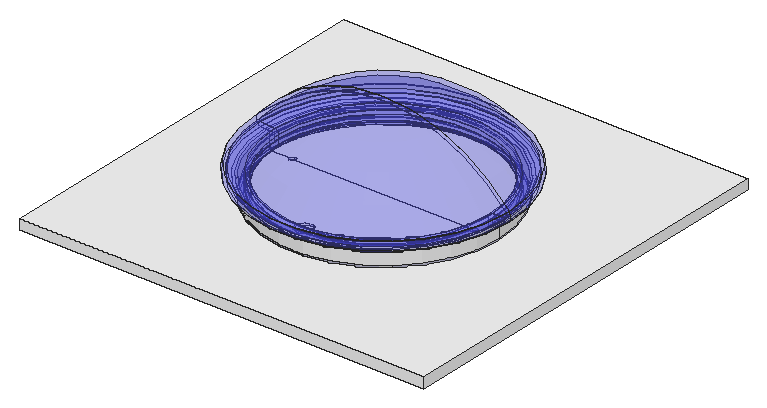
Revit family "BE_12136P_de_DE", category Leuchten, Revit 2020
Family settings
  Basisbauteil = Fläche
  Bemaßung runder Anschluss = Durchmesser verwenden
  Teiletyp = Normal
  Beim Laden mit Abzugskörper schneiden = Ja
  Lichtquelle = Ja
  Gemeinsam genutzt = Nein
  Raumberechnungspunkt = Ja
Parameters (values of type "BEGA_12136P_K3")
  built-in parameter 1150104 = 11.557 (stored number, unit not read)
  Wattage = 8.4 W
  Default Elevation = 0 mm
  built-in parameter 1150113 = 1 (stored number, unit not read)
  built-in parameter 1114218 = 1 (stored number, unit not read)
  Umgebungstemperatur = "25 °C"
  URL = "https://www.bega.com/de/produkt/12136P"
  Typenkommentare = "© 2022 BEGA. Wir behalten uns das Recht vor, technische Änderungen ohne vorherige Ankündigung vorzunehmen."  # constant formula
  built-in parameter 1150134 = (empty or 0)
  built-in parameter 1150109 = 1 (stored number, unit not read)
  Strom = ""
  built-in parameter 1150110 = 1 (stored number, unit not read)
  Spannung = 230 V
  Sonderanfertigung = no
  Seriennummer [instance] = "Hier können Sie die eindeutige Seriennummer für das Facility Management eintragen."
  Schutzklasse = "I"
  Schutzart = "IP 20"
  Scheinlast = 0 VA
  Produktdatenblatt = "http://www.bega.de/download/Xrfa/db/12136P.db.de.pdf"
  Oberflächentemperatur = ""
  Neigungswinkel = 0.00°
  Model = "12136PK2"
  Material_17 = BEGA_Reflektor
  Material_15 = BEGA_Leuchtmedium_matt
  Material_14 = BEGA_Kunststoff_opal
  Material_11 = BEGA_Glas_opal
  Material_09 = BEGA_Glas_klar
  Material_06 = BEGA_Oberfläche_Edelstahl_gebürstet
  Material_03 = BEGA_Oberfläche_Weiss_matt
  Material_02 = BEGA_Oberfläche_Silber_matt
  Material_01 [instance] = BEGA_Oberfläche_Grafit_matt
  M_W = no
  M_G = no
  M_A = no
  Logo = 0
  built-in parameter 1114217 = 1 (stored number, unit not read)
  built-in parameter 1150139 = (empty or 0)
  built-in parameter 1150105 = 289.83 (stored number, unit not read)
  built-in parameter 1150114 = 1 (stored number, unit not read)
  Lumens = 1044.96 lm
  built-in parameter 1150115 = 1 (stored number, unit not read)
  Leuchtenlichtstrom = "764 lm"
  Leuchtenanzahl = ""
  Lebensdauerkriterien = "L70B50 @ 25 °C = 206000 h"
  Lastklassifizierung = Beleuchtung
  built-in parameter 1150112 = 1 (stored number, unit not read)
  Lampenlichtstrom = "1045 lm"
  Lamp = "LED 8.4 W"
  LED_Modulbezeichnung = "LED-0508/927"
  Hersteller = "BEGA"  # constant formula
  Halbstreuwinkel = ""
  Gewicht = ""
  Gebrauchslageneinschränkung [instance] = ""
  Frequenz = "50 Hz"
  Farbwiedergabeindex = "CRI > 90"
  Farbtemperaturverschiebung bei Dämpfen der Lampe = <Keine Auswahl>
  Farbtemperatur = "2700 K"
  Color Filter = 16777215
  built-in parameter 1150133 = 10 (stored number, unit not read)
  Energieeffizienzklasse = "LED A++ - A"
  built-in parameter 1150137 = (empty or 0)
  built-in parameter 1150132 = (empty or 0)
  ENEC = ""
  Dimmbar [instance] = ""
  Photometric Web File = "BE_12136PK2.IES"
  CE_Konformität = "ja"
  Bestellnummer = "12136PK2"
  Beschreibung_Sonderanfertigung = "Hier können Sie Informationen zur Sonderanfertigung eintragen."
  Beschreibung = "Decken- und Wandleuchte"
  built-in parameter 1150106 = 2.8983 (stored number, unit not read)
  Befestigungsbohrung = "Ø 5,5 mm"
  Befestigungsabstand = "180 mm"
  Ballwurfsicher = ""
  BEGA_Intern_aus = yes
  BEGA_Intern_an = yes
  BEGA_Intern_Konstruktion = yes
  BEGA_Intern = yes
  BEGA_IES = yes
  BEGA_Dummy = no
  Anschlussleitung = ""
  Anschlussleistung [instance] = "11.5 W"
  Anschlusskasten = ""
  built-in parameter 1150107 = 2700 (stored number, unit not read)
  built-in parameter 1150102 = (empty or 0)
  built-in parameter 1150138 = (empty or 0)
  Aktualisierung = "2020-07-27T04:00:12"
  Abstand_zur_angestrahlten_Fläche [instance] = ""
  AC/DC = "AC"
Types (2, lengths in mm): name | built-in parameter 1150104 | built-in parameter 1150134 | Model | built-in parameter 1150105 | Lumens | Leuchtenlichtstrom | Lampenlichtstrom | LED_Modulbezeichnung | Farbtemperatur | Photometric Web File | Bestellnummer | built-in parameter 1150106 | built-in parameter 1150107
  BEGA_12136P_K3 | 11.669 (stored number, unit not read) | (empty or 0) | "12136PK3" | 292.56 (stored number, unit not read) | 1055.04 lm | "771 lm" | "2365 lm" | "LED-0508/930" | "3000 K" | "BE_12136PK3.IES" | "12136PK3" | 2.9256 (stored number, unit not read) | 3000 (stored number, unit not read)
  BEGA_12136P_K27 | 12.115 (stored number, unit not read) | 12 | "12136PK27" | 303.69 (stored number, unit not read) | 1095.36 lm | "745 lm" | "1165 lm" | "LED-0508/927" | "2700 K" | "BE_12136PK27.IES" | "12136PK27" | 3.0369 (stored number, unit not read) | 4000 (stored number, unit not read)
Reference planes
  plane 1 "Mitte (Vorne/Hinten)": y = 0
  plane 2: z = 0
  plane 3 "Mitte (Links/Rechts)": x = 0
  plane 4 "Links": x = -126
  plane 5 "Rechts": x = 126
  plane 6 "Unten": y = -126
  plane 7 "Oben": y = 126
  plane 8 "Vorne": z = 90.4
  plane 9 "Hinten": z = 0
Forms (mm)
  Extrusion 1, solid, material "BEGA_Platte_Weiss"
    sketch origin (0, -1119.2, 0) x (1, 0, 0) y (0, 1, 0)
      loop
        line (-200, 1319.2) -> (-200, 919.2) -> (200, 919.2) -> (200, 1319.2) -> (-200, 1319.2)
    from 0 to -10
  Extrusion 2, solid, material "BEGA_Dummy_matt", visible <- "BEGA_Dummy"
    sketch origin (77.149, -76.023, 0) x (1, 0, 0) y (0, 1, 0)
      loop
        circle (-77.149, 76.023) r 126
    from 0 to 90.4
Dimensions and locks
  plane 1 "Mitte (Vorne/Hinten)" to Extrusion 1 = 200 mm
  aligned and locked: plane 2 to Extrusion 1
  aligned and locked: level to Extrusion 1
Nested families
  nested 1: "BE_12136P" at (0, 0, 0) x (0, -1, 0) z (0, 0, 1), type "BE_12136P"
Connectors
  electrical at (0, 0, 0), driven by "Lastklassifizierung", driven by "Spannung", driven by "Scheinlast"
    settings: index 1, voltage 230 V, apparent load 0 VA, apparent load phase1 0 VA, apparent load phase2 0 VA, apparent load phase3 0 VA, power factor 1, load classification "Beleuchtung", number of poles 1, system type 31, power factor state 1, is connector primary yes, connector utility no, sub classification motor no, connector description ""
Definition of nested family "BE_12136P"
  Parameters (values of type "BE_12136P")
    Default Elevation = 1 mm
    URL = "http://www.bega.de/de/produkt"
    Type Comments = "© 2015 BEGA. Wir behalten uns das Recht vor, technische Änderungen ohne vorherige Ankündigung vorzunehmen. "  # constant formula
    Type Image = (empty or 0)
    Neigungswinkel_um_Z2 = 0.00°
    Neigungswinkel_um_Z1 = 0.00°
    Neigungswinkel_um_Y2 = 0.00°
    Neigungswinkel_um_Y1 = 0.00°
    Neigungswinkel_um_X2 = 0.00°
    Neigungswinkel_um_X1 = 0.00°
    Material_17 = none
    Material_15 = none
    Material_14 = none
    Material_11 = none
    Material_09 = none
    Material_06 = none
    Material_05 = none
    Material_03 = none
    Material_02 = none
    Material_01 = none
    M_W = yes
    M_G = yes
    M_A = yes
    Länge_Platte = 400 mm  # constant formula
    Höhe_Platte = -10 mm  # constant formula
    Manufacturer = "BEGA"  # constant formula
    Drehwinkel_um_Z2 = 0.00°
    Drehwinkel_um_Z1 = 0.00°
    Breite_Platte = 400 mm  # constant formula
  Reference planes
    plane 1 "Mitte (Oben/Unten)": y = 0
    plane 2: z = 0
    plane 3 "Mitte (Links/Rechts)": x = 0
    plane 4: y = 126
    plane 5: z = 90.4
    plane 6: y = -126
    plane 7: x = -126
    plane 8: x = 126
  Forms (mm)
    Extrusion 1, solid, detail levels medium
      sketch origin (0, 0, 0) x (1, 0, 0) y (0, 1, 0)
        loop
          line (-200, 200) -> (-200, -200) -> (200, -200) -> (200, 200) -> (-200, 200)
      from 0 to -10 <- "Höhe_Platte"
    Revolve 2, solid, material <- "Material_03", detail levels medium+fine
      sketch origin (0, 0, 0) x (0, 1, 0) y (0, 0, 1)
        loop
          line (117.5, 19.8) -> (117.5, 20.8) -> (115.331, 20.8)
          arc (115.331, 20.8) -> (114.063, 20.284) -> (113.524, 19.025) r 1.8
          line (113.524, 19.025) -> (113.276, 4.767)
          arc (113.276, 4.767) -> (112.825, 3.728) -> (111.776, 3.3) r 1.5
          line (111.776, 3.3) -> (0, 3.3) -> (0, 2.3) -> (111.776, 2.3)
          arc (111.776, 2.3) -> (113.525, 3.014) -> (114.275, 4.748) r 2.5
          line (114.275, 4.748) -> (114.524, 19.01)
          arc (114.524, 19.01) -> (114.764, 19.571) -> (115.329, 19.8) r 0.8
          line (115.329, 19.8) -> (117.5, 19.8)
        axis (0, 2.3) -> (0, 20.8)
      angle from 0 to 360
    Revolve 3, solid, material <- "Material_03", detail levels medium+fine
      sketch origin (0, 0, 0) x (0, 1, 0) y (0, 0, 1)
        loop
          arc (99.13, 1.943) -> (99.474, 2.206) -> (99.896, 2.3) r 1
          line (99.896, 2.3) -> (100.896, 3.3) -> (92.75, 3.3) -> (92.75, 0) -> (96.108, 0)
          arc (96.108, 0) -> (97.369, 0.281) -> (98.395, 1.067) r 3
          line (98.395, 1.067) -> (99.13, 1.943)
        axis (90, 3.3) -> (90, 0)
      angle from 0 to 360
    Revolve 4, solid, material <- "Material_03", detail levels medium+fine
      sketch origin (0, 0, 0) x (0, -1, 0) y (0, 0, 1)
        loop
          arc (99.13, 1.943) -> (99.474, 2.206) -> (99.896, 2.3) r 1
          line (99.896, 2.3) -> (100.896, 3.3) -> (92.75, 3.3) -> (92.75, 0) -> (96.108, 0)
          arc (96.108, 0) -> (97.369, 0.281) -> (98.395, 1.067) r 3
          line (98.395, 1.067) -> (99.13, 1.943)
        axis (90, 3.3) -> (90, 0)
      angle from 0 to 360
    Extrusion 5, void
      sketch origin (0, 0, 0) x (1, 0, 0) y (0, 1, 0)
        loop
          circle (80, 15) r 8.5
        loop
          circle (80, -15) r 8.5
      from 1.096 to 7.205
    Revolve 6, solid, material <- "Material_14", detail levels medium+fine
      sketch origin (0, 0, 0) x (0, 1, 0) y (0, 0, 1)
        loop
          line (0, 90.4) -> (0, 86.6)
          arc (0, 86.6) -> (67.014, 71.601) -> (121.239, 29.464) r 157.2
          arc (121.239, 29.464) -> (122.17, 27.288) -> (121.777, 24.953) r 4.2
          line (121.777, 24.953) -> (107.481, 24.204)
          arc (107.481, 24.204) -> (104.795, 22.96) -> (103.7, 20.21) r 4
          line (103.7, 20.21) -> (103.7, 16.4) -> (103.7, 11.174)
          arc (103.7, 11.174) -> (104.099, 9.678) -> (105.19, 8.579) r 3.003
          line (105.19, 8.579) -> (106.963, 7.556)
          arc (106.963, 7.556) -> (108.068, 6.43) -> (108.449, 4.9) r 3.003
          line (108.449, 4.9) -> (112.25, 4.9) -> (112.25, 8.894) -> (107.997, 11.349)
          arc (107.997, 11.349) -> (107.633, 11.715) -> (107.5, 12.214) r 1.001
          line (107.5, 12.214) -> (107.5, 19.451)
          arc (107.5, 19.451) -> (107.774, 20.139) -> (108.445, 20.45) r 1
          line (108.445, 20.45) -> (121.856, 21.152)
          arc (121.856, 21.152) -> (123.904, 21.845) -> (125.293, 23.503) r 4
          arc (125.293, 23.503) -> (125.929, 27.854) -> (124.17, 31.883) r 8
          arc (124.17, 31.883) -> (68.634, 75.038) -> (0, 90.4) r 161
        axis (0, 90.4) -> (0, 4.9)
      angle from 0 to 360
    Extrusion 7, void
      sketch origin (0, 0, 0) x (1, 0, 0) y (0, 1, 0)
        loop
          circle (0, 90) r 2.75
        loop
          circle (0, -90) r 2.75
      from 0 to 9
  Cuts and joins
    Extrusion 5, Extrusion 7 cuts Revolve 2
    Extrusion 5, Extrusion 7 cuts Revolve 3
    Extrusion 5, Extrusion 7 cuts Revolve 4
    joined: Revolve 2, Revolve 3, Revolve 4
  Dimensions and locks
    equal spacing: Extrusion 1 sketch curve, plane 3 "Mitte (Links/Rechts)", Extrusion 1 sketch curve
    equal spacing: Extrusion 1 sketch curve, plane 1 "Mitte (Oben/Unten)", Extrusion 1 sketch curve
    "Länge_Platte": Extrusion 1 sketch curve to Extrusion 1 sketch curve
    "Breite_Platte": Extrusion 1 sketch curve to Extrusion 1 sketch curve
    aligned and locked: plane 2 to Extrusion 1
    aligned and locked: level to Extrusion 1
  Automatic sketch dimensions
    Revolve 2 sketch curve to Revolve 2 sketch curve = 0 mm  (x11)
    Revolve 2 sketch curve to plane 1 "Mitte (Oben/Unten)" = 0 mm  (x2)
    Revolve 2 sketch curve to Revolve 2 sketch curve = 1.5 mm
    Revolve 2 sketch curve to Revolve 2 sketch curve = 1 mm  (x3)
    Revolve 2 sketch curve to Revolve 2 sketch curve = 0.8 mm
    Revolve 2 sketch curve to Revolve 2 sketch curve = 0.004 mm
    Revolve 2 sketch curve to Revolve 2 sketch curve = 0.002 mm
    Revolve 2 sketch curve to Revolve 2 sketch curve = 2.169 mm
    level to Revolve 2 sketch curve = 2.3 mm
    Revolve 2 sketch curve to Revolve 2 sketch curve = 1.448 mm
    Revolve 2 sketch curve to Revolve 2 sketch curve = 0.02 mm
    Revolve 2 sketch curve to Revolve 2 sketch curve = 0.033 mm
    Revolve 2 sketch curve to Revolve 2 sketch curve = 14.252 mm
    Revolve 2 sketch curve to Revolve 2 sketch curve = 0.01 mm
    Revolve 2 sketch curve to Revolve 2 sketch curve = 0.015 mm
    Revolve 2 sketch curve to Revolve 2 sketch curve = 4 mm
    Revolve 3 sketch curve to level = 0 mm
    level to Revolve 3 sketch curve = 3.3 mm
    Revolve 3 sketch curve to Revolve 3 sketch curve = 3.351 mm
    Revolve 3 sketch curve to Revolve 3 sketch curve = 0.007 mm
    level to Revolve 3 sketch curve = 1.067 mm
    Revolve 3 sketch curve to Revolve 3 sketch curve = 2.287 mm
    level to Revolve 3 sketch curve = 2.3 mm
    Revolve 3 sketch curve to Revolve 3 sketch curve = 1.501 mm
    Revolve 3 sketch curve to Revolve 3 sketch curve = 0 mm  (x2)
    Revolve 3 sketch curve to Revolve 3 sketch curve = 1 mm  (x2)
    Revolve 3 sketch curve to Revolve 3 sketch curve = 2.75 mm
    level to Revolve 3 sketch curve = 1.943 mm
    Revolve 3 sketch curve to Revolve 3 sketch curve = 0.766 mm
    Revolve 3 sketch curve to level = 2.001 mm
    Revolve 3 sketch curve to Revolve 3 sketch curve = 2 mm
    Revolve 4 sketch curve to level = 0 mm
    Revolve 4 sketch curve to level = 3.3 mm
    Revolve 4 sketch curve to Revolve 4 sketch curve = 3.351 mm
    Revolve 4 sketch curve to Revolve 4 sketch curve = 0.007 mm
    Revolve 4 sketch curve to level = 1.067 mm
    Revolve 4 sketch curve to Revolve 4 sketch curve = 2.287 mm
    Revolve 4 sketch curve to level = 2.3 mm
    Revolve 4 sketch curve to Revolve 4 sketch curve = 1.501 mm
    Revolve 4 sketch curve to Revolve 4 sketch curve = 0 mm  (x2)
    Revolve 4 sketch curve to Revolve 4 sketch curve = 1 mm  (x2)
    Revolve 4 sketch curve to Revolve 4 sketch curve = 2.75 mm
    Revolve 4 sketch curve to level = 1.943 mm
    Revolve 4 sketch curve to Revolve 4 sketch curve = 0.766 mm
    level to Revolve 4 sketch curve = 2.001 mm
    Revolve 4 sketch curve to Revolve 4 sketch curve = 2 mm
    plane 1 "Mitte (Oben/Unten)" to Extrusion 5 sketch curve = 15 mm
    Extrusion 5 sketch curve to plane 1 "Mitte (Oben/Unten)" = 15 mm
    Extrusion 5 sketch curve to Extrusion 5 sketch curve = 0 mm
    Revolve 6 sketch curve to Revolve 6 sketch curve = 0 mm  (x15)
    plane 1 "Mitte (Oben/Unten)" to Revolve 6 sketch curve = 0 mm
    Revolve 6 sketch curve to plane 1 "Mitte (Oben/Unten)" = 0 mm  (x2)
    Revolve 6 sketch curve to Revolve 6 sketch curve = 1.49 mm
    Revolve 6 sketch curve to Revolve 6 sketch curve = 0.257 mm
    Revolve 6 sketch curve to Revolve 6 sketch curve = 1.513 mm
    level to Revolve 6 sketch curve = 7.556 mm
    Revolve 6 sketch curve to Revolve 6 sketch curve = 1.773 mm
    Revolve 6 sketch curve to Revolve 6 sketch curve = 3.781 mm
    Revolve 6 sketch curve to Revolve 6 sketch curve = 3.8 mm  (x2)
    Revolve 6 sketch curve to Revolve 6 sketch curve = 0.2 mm
    Revolve 6 sketch curve to Revolve 6 sketch curve = 0.497 mm
    Revolve 6 sketch curve to Revolve 6 sketch curve = 0.745 mm
    Revolve 6 sketch curve to Revolve 6 sketch curve = 3.002 mm
    Revolve 6 sketch curve to Revolve 6 sketch curve = 0.055 mm
    Revolve 6 sketch curve to Revolve 6 sketch curve = 0.504 mm
    Revolve 6 sketch curve to Revolve 6 sketch curve = 3.801 mm  (x2)
    Revolve 6 sketch curve to Revolve 6 sketch curve = 0.13 mm
    Revolve 6 sketch curve to Revolve 6 sketch curve = 2.592 mm
    Revolve 6 sketch curve to level = 70.6 mm
    Revolve 6 sketch curve to Revolve 6 sketch curve = 1.024 mm
    Revolve 6 sketch curve to Revolve 6 sketch curve = 3.994 mm
    Revolve 6 sketch curve to Revolve 6 sketch curve = 2.594 mm
    Revolve 6 sketch curve to Revolve 6 sketch curve = 0.176 mm
    Revolve 6 sketch curve to Revolve 6 sketch curve = 0.865 mm
    Revolve 6 sketch curve to Revolve 6 sketch curve = 4.186 mm
    Revolve 6 sketch curve to Revolve 6 sketch curve = 3.051 mm
    Revolve 6 sketch curve to Revolve 6 sketch curve = 0.239 mm
    Revolve 6 sketch curve to Revolve 6 sketch curve = 3.755 mm
    Revolve 6 sketch curve to Revolve 6 sketch curve = 4.504 mm
    Revolve 6 sketch curve to Revolve 6 sketch curve = 0.193 mm
    Revolve 6 sketch curve to Revolve 6 sketch curve = 1.644 mm
    Revolve 6 sketch curve to Revolve 6 sketch curve = 2.931 mm
    Revolve 6 sketch curve to Revolve 6 sketch curve = 3.516 mm
    Revolve 6 sketch curve to Revolve 6 sketch curve = 3.81 mm
    level to Revolve 6 sketch curve = 40.4 mm
    Revolve 2 sketch curve to plane 1 "Mitte (Oben/Unten)" = 111.776 mm
    Revolve 2 sketch curve to Revolve 2 sketch curve = 0.249 mm
    Revolve 3 sketch curve to plane 1 "Mitte (Oben/Unten)" = 92.75 mm
    Revolve 6 sketch curve to plane 1 "Mitte (Oben/Unten)" = 103.7 mm
    Revolve 6 sketch curve to Revolve 6 sketch curve = 10.519 mm
    Revolve 6 sketch curve to Revolve 6 sketch curve = 3.647 mm
    Revolve 6 sketch curve to Revolve 6 sketch curve = 3.239 mm
    Revolve 6 sketch curve to Revolve 6 sketch curve = 0.079 mm
    Revolve 4 sketch curve to plane 1 "Mitte (Oben/Unten)" = 92.75 mm
    Revolve 6 sketch curve to Revolve 6 sketch curve = 46.2 mm
    plane 3 "Mitte (Links/Rechts)" to Extrusion 5 sketch curve = 80 mm
    Extrusion 7 sketch curve to plane 3 "Mitte (Links/Rechts)" = 0 mm  (x2)
    plane 6 to Extrusion 7 sketch curve = 36 mm
    plane 4 to Extrusion 7 sketch curve = 36 mm
    radius of Extrusion 5 sketch curve = 8.5 mm  (x2)
    radius of Extrusion 7 sketch curve = 2.75 mm  (x2)
